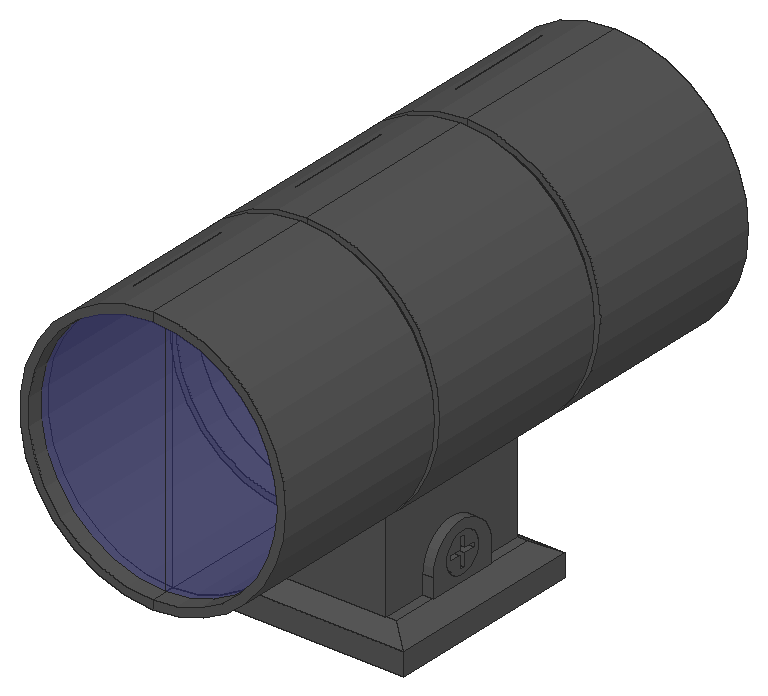
Revit family "CARLO CYLINDER LIGHT WALL MOUNT", category Lighting Fixtures, host Face, Revit 2020 (continued)
Types (10): name | Wattage_Input | Wattage Comments | Wattage | Photometric Web File | built-in parameter 1150142 | Model | built-in parameter 1150105 | Lumens | Light Length 1 | LIGHT RADIUS | LIGHT PLACEMENT | LIGHT LENGTH | LIGHT DIA | built-in parameter 1150106 | FIXED END HEIGHT | Curve base Height | Base Curve | BEAMING ANGLE | Apparent Load
    3.738 40.01 36.776 33.974 \r\n 31.454 29.089 26.746 24.042 21.594 20.089 18.93 17.705 16.546 15.446 \r\n 14.408 13.437 12.517 11.636 10.781 9.927 9.1045 8.3347 7.6209 6.985 \r\n 6.3934 5.8091 5.2643 4.7801 4.3529 3.993 3.6791 3.3905 3.1355 2.9181 \r\n 2.7306 2.5697 2.4265 2.2886 2.163 2.0561 1.9577 1.8565 1.7623 1.6839 \r\n 1.6132 1.5438 1.4783 1.4181 1.3593 1.2961 1.2351 1.1833 1.1341 1.0813 \r\n 1.0303 0.9858 0.9438 0.90181 0.86011 0.81678 0.77584 0.74278 0.71126 0.68102 \r\n 0.64979 0.61333 0.57744 0.54827 0.52058 0.49083 0.46007 0.42737 0.39514 0.36648 \r\n 0.3384 0.30806 0.27816 0.25082 0.22489 0.20098 0.17603 0.14756 0.11965 0.097695 \r\n 0.086864 0.097034 0.11943 0.14675 0.18448 0.25066 0.32212 0.37702 0.42944 0.49275 \r\n 0.54734 0.56975 0.58492 0.61532 0.64491 0.65975 0.67605 0.70957 0.74774 0.78166 \r\n 0.81604 0.85394 0.89144 0.92353 0.9566 0.99773 1.0398 1.0765 1.1127 1.1515 \r\n 1.1916 1.2313 1.2757 1.3316 1.3916 1.4493 1.5079 1.5679 1.6305 1.6981 \r\n 1.768 1.8366 1.9083 1.986 2.0698 2.1603 2.2587 2.3654 2.4839 2.6178 \r\n 2.7663 2.9275 3.1085 3.3167 3.5489 3.8012 4.0826 4.3946 4.7545 5.187 \r\n 5.6718 6.1838 6.7618 7.4536 8.2069 8.9686 9.7895 10.726 11.708 12.676 \r\n 13.658 14.664 15.689 16.731 17.791 18.846 19.97 21.288 22.614 23.665 \r\n 24.861 26.451 28.657 31.621 35.831 41.033 49.59 64.106 83.612 108.79 \r\n 137.3 167.04 198.03 229.75 261.75 293.56 324.73 354.96 383.3 409.03 \r\n 431.25 449.05 461.73 466.74 468.79 472.33 475.6 478.25 480.42 481.98 \r\n 483.45 485.45 487.69 490.08 492.63 495.25 498.11 501.46 504.91 508.06 \r\n 511.24 514.68 518.35 522.38 526.47 530.28 534.11 538.08 542.44 547.56 \r\n 553.25 559.29 566.11 574.01 583.09 593.31 605.32 619.64 636.63 656.49 \r\n 680.16 708.57 741.94 780.22 825.29 879.16 941.45 1011.5 1092.1 1186 \r\n 1291.8 1408.6 1538.2 1682.6 1840.2 2008.5 2191.4 2397.1 2611.3 2821.3 \r\n 3031.1 3240.2 3449.8 3663.7 3873.9 4073.4 4262.9 4440.7 4606.5 4760.1 \r\n 4899.8 5023.8 5131.9 5223 5297.5 5354.5 5396.6 5424.9 5442.9 5455.2 \r\n 5509.6 \r\n5444.5 5457.6 5479.3 5489.3 5488 5476.4 5453.8 5418.9 5374.7 5324.4 \r\n 5265.7 5199.1 5118.2 5014.4 4895.2 4765 4624.4 4476.5 4317.8 4143.6 \r\n 3959.6 3771 3575.4 3370.5 3162.2 2955.1 2750.3 2550.3 2354.5 2161.7 \r\n 1975.5 1797.5 1632.2 1483.9 1355.2 1255.5 1168.9 1081.2 997.1 913.33 \r\n 839.15 785.84 743.99 707.84 677.6 651.63 629.62 610.78 594.77 581.07 \r\n 569.46 559.61 551.33 544.45 538.55 533.13 528.31 524.11 520.35 516.88 \r\n 513.64 510.5 507.49 504.62 501.77 498.78 495.73 492.66 489.58 486.48 \r\n 483.42 480.55 477.57 474.15 470.54 467.07 463.15 459.14 452.56 440.81 \r\n 424.61 403.3 378.37 351.02 321.53 289.96 258.12 228.12 199.06 170.09 \r\n 143.15 120.82 100.34 77.945 59.236 50.448 45.904 41.861 38.753 35.687 \r\n 32.89 30.362 27.889 25.04 22.46 20.851 19.613 18.345 17.155 16.014 \r\n 14.937 13.938 12.993 12.091 11.214 10.33 9.4797 8.6987 7.9727 7.3047 \r\n 6.6783 6.0704 5.5037 4.9931 4.5382 4.148 3.8082 3.5085 3.2465 3.0178 \r\n 2.8183 2.645 2.4904 2.3446 2.2128 2.1005 1.9978 1.8937 1.7967 1.7134 \r\n 1.6377 1.5654 1.4971 1.4333 1.3716 1.3082 1.2478 1.1952 1.1452 1.0929 \r\n 1.043 1.0002 0.96002 0.91898 0.87787 0.83503 0.7943 0.76102 0.72909 0.69738 \r\n 0.66472 0.62798 0.59199 0.56211 0.53362 0.50335 0.47203 0.43839 0.40522 0.37595 \r\n 0.34748 0.31717 0.28715 0.25887 0.23175 0.20643 0.1809 0.1592 0.14091 0.12549 \r\n 0.11738 0.11988 0.13596 0.17415 0.22103 0.27931 0.34231 0.40536 0.46503 0.5172 \r\n 0.5593 0.58312 0.60154 0.6273 0.65269 0.67116 0.69205 0.72551 0.76266 0.79694 \r\n 0.83159 0.86847 0.90525 0.93883 0.97332 1.0134 1.0543 1.0921 1.1305 1.1724 \r\n 1.2156 1.2566 1.3014 1.3571 1.4165 1.4744 1.5328 1.5909 1.652 1.7208 \r\n 1.7923 1.861 1.9328 2.0121 2.0976 2.1888 2.2878 2.3953 2.515 2.6503 \r\n 2.8015 2.967 3.1551 3.3763 3.6226 3.8848 4.1759 4.4998 4.8735 5.3209 \r\n 5.8251 6.3679 6.9773 7.6906 8.4632 9.2481 10.09 11.037 12.03 13.019 \r\n 14.017 15.014 16.032 17.094 18.185 19.274 20.426 21.753 23.083 24.101 \r\n 25.361 27.338 29.963 32.754 37.43 45.53 57.114 72.574 92.451 118.31 \r\n 147.46 177.69 209.06 241.1 273.18 304.56 335.05 364.54 392 416.7 \r\n 437.57 453.22 463.92 468.15 469.94 473.46 476.81 479.39 481.54 483.24 \r\n 484.92 487.06 489.42 491.93 494.55 497.17 499.97 503.19 506.52 509.65 \r\n 512.88 516.5 520.34 524.41 528.51 532.37 536.29 540.38 544.9 550.28 \r\n 556.22 562.39 569.36 577.56 587.03 597.72 610.34 625.46 643.43 664.52 \r\n 689.58 719.42 754.5 794.67 842.51 901.82 968.86 1038.7 1118.7 1215.8 \r\n 1326.1 1447.5 1581.7 1730.1 1891.5 2064.5 2251.7 2459.5 2675.1 2887.1 \r\n 3098.7 3309.2 3519 3730.3 3937.3 4135.4 4323.1 4497.2 4658.8 4808.5 \r\n 4944.4 5065 5169.6 5256.7 5326.9 5378.9 5416.3 5441.2 5456 5464.3 \r\n 5509.6 \r\n5444.5 5455.7 5480.2 5491.6 5492 5484 5465.3 5433.7 5392.2 5343.6 \r\n 5286.5 5222.8 5145.6 5046.8 4932.9 4807.8 4671.4 4525.7 4368.5 4196.7 \r\n 4014.7 3826.3 3630.4 3424.7 3216 3011 2807.9 2607.7 2410 2213.1 \r\n 2022.2 1840.6 1672 1520.6 1387.4 1278.4 1182.8 1090.7 1005.2 924.03 \r\n 852.63 797.82 753.44 715.81 684.35 657.39 634.55 614.99 598.37 584.11 \r\n 572.02 561.79 553.22 546.12 540.08 534.55 529.67 525.43 521.62 518 \r\n 514.63 511.52 508.55 505.67 502.77 499.7 496.53 493.25 489.92 486.61 \r\n 483.35 480.3 477.21 473.85 470.29 466.58 462.57 458.82 453.21 444.03 \r\n 430.69 411.34 388.02 362.03 333.7 303.27 272.34 242.82 213.91 185.01 \r\n 157.47 132.89 109.91 86.216 66.213 54.94 48.203 43.771 40.786 37.443 \r\n 34.356 31.629 28.997 26.016 23.326 21.615 20.295 18.982 17.761 16.579 \r\n 15.465 14.438 13.47 12.545 11.646 10.732 9.8554 9.0633 8.3246 7.6237 \r\n 6.9613 6.3288 5.7397 5.2044 4.7234 4.3023 3.936 3.6257 3.3573 3.1169 \r\n 2.9048 2.7181 2.5516 2.3978 2.2599 2.1419 2.0346 1.9282 1.8288 1.7404 \r\n 1.6594 1.5839 1.513 1.4453 1.3805 1.3174 1.2577 1.2041 1.1532 1.1017 \r\n 1.0532 1.012 0.97341 0.93348 0.89328 0.85148 0.81146 0.77793 0.74551 0.71226 \r\n 0.67815 0.64132 0.60538 0.57467 0.54524 0.51451 0.4827 0.44808 0.41394 0.38411 \r\n 0.35534 0.32515 0.29512 0.26605 0.23778 0.21083 0.18441 0.17037 0.16142 0.15338 \r\n 0.14877 0.14358 0.15318 0.2029 0.25899 0.30777 0.3606 0.43181 0.49883 0.53834 \r\n 0.56682 0.59344 0.61682 0.63782 0.65881 0.68211 0.70874 0.7418 0.77737 0.81212 \r\n 0.84725 0.88295 0.9189 0.95446 0.99081 1.0296 1.0689 1.1087 1.1501 1.1953 \r\n 1.2414 1.2846 1.3304 1.3854 1.4438 1.5017 1.5599 1.6162 1.6759 1.7458 \r\n 1.819 1.888 1.9601 2.0412 2.1287 2.2205 2.32 2.4288 2.55 2.6867 \r\n 2.8403 3.0101 3.2054 3.4393 3.6994 3.9722 4.2738 4.611 4.9998 5.4624 \r\n 5.9863 6.5611 7.2031 7.937 8.7278 9.5366 10.399 11.355 12.356 13.365 \r\n 14.379 15.369 16.381 17.466 18.591 19.72 20.906 22.232 23.568 24.593 \r\n 25.967 28.356 31.426 34.07 39.276 50.481 65.231 81.458 101.43 127.78 \r\n 157.33 187.66 219.05 251.26 283.34 314.22 343.95 372.58 399.02 422.63 \r\n 442.15 455.67 464.55 468.49 470.52 474.14 477.61 480.17 482.33 484.29 \r\n 486.27 488.62 491.15 493.82 496.55 499.19 501.95 505.04 508.25 511.37 \r\n 514.67 518.45 522.45 526.51 530.58 534.48 538.47 542.66 547.34 552.93 \r\n 559.09 565.4 572.53 581.02 590.89 602.11 615.4 631.37 650.4 672.8 \r\n 699.35 730.72 767.6 809.79 860.55 925.39 997.41 1067.7 1147.8 1248.3 \r\n 1362.9 1488.4 1626.6 1778.8 1944.2 2121.9 2313.1 2522.1 2738.3 2952.1 \r\n 3165.4 3377.3 3587.3 3795.6 3998.9 4195.3 4381.2 4551.7 4709.2 4854.9 \r\n 4986.9 5104.2 5205.5 5288.7 5354.7 5402.1 5435.1 5456.9 5468.7 5473.1 \r\n 5509.6 \r\n5444.5 5453.7 5480.5 5493.2 5495.1 5490.4 5475.4 5446.9 5407.9 5360.5 \r\n 5304.6 5243 5168.9 5074.5 4965.5 4844.9 4712.4 4568.7 4412.9 4243.2 \r\n 4062.9 3874.5 3678 3471.7 3262.9 3059.7 2858.3 2657.6 2458 2257.4 \r\n 2062.4 1877.9 1706.4 1552.6 1415.4 1297.1 1192.5 1096.9 1010.7 932.6 \r\n 864.34 808.32 761.66 722.74 690.24 662.42 638.87 618.71 601.56 586.81 \r\n 574.31 563.78 554.96 547.69 541.51 535.91 530.97 526.7 522.84 519.07 \r\n 515.57 512.48 509.56 506.66 503.7 500.56 497.28 493.79 490.25 486.75 \r\n 483.31 480.08 476.87 473.61 470.14 466.2 462.03 458.3 453.39 446.57 \r\n 435.95 418.55 396.86 372.26 345.13 315.89 285.9 256.86 228.12 199.33 \r\n 171.26 144.53 119.2 94.582 73.591 59.704 50.541 45.624 42.717 39.101 \r\n 35.745 32.801 29.996 26.907 24.137 22.335 20.94 19.582 18.329 17.111 \r\n 15.966 14.914 13.924 12.977 12.055 11.115 10.213 9.4101 8.6587 7.926 \r\n 7.229 6.572 5.961 5.4036 4.8994 4.4491 4.0573 3.737 3.4625 3.2105 \r\n 2.9856 2.786 2.6078 2.4465 2.303 2.1795 2.0678 1.9596 1.8583 1.7649 \r\n 1.6788 1.6004 1.5271 1.4558 1.3882 1.3255 1.2667 1.212 1.1603 1.1096 \r\n 1.0626 1.0227 0.98525 0.94636 0.90724 0.86692 0.828 0.79414 0.76109 0.72641 \r\n 0.69103 0.65427 0.61851 0.58689 0.55642 0.52525 0.49302 0.45749 0.42246 0.39212 \r\n 0.36309 0.33304 0.30304 0.27336 0.24409 0.21538 0.18782 0.18111 0.18123 0.18054 \r\n 0.17951 0.16692 0.17014 0.23058 0.29489 0.33417 0.37674 0.45476 0.52785 0.55477 \r\n 0.57019 0.60024 0.62925 0.6461 0.66324 0.69186 0.72451 0.75706 0.79082 0.82611 \r\n 0.86182 0.89637 0.93156 0.96927 1.0076 1.0451 1.0827 1.1248 1.1696 1.2176 \r\n 1.2663 1.3117 1.359 1.413 1.47 1.5278 1.586 1.6409 1.6994 1.7705 \r\n 1.8452 1.9148 1.9877 2.0708 2.1602 2.253 2.3535 2.4643 2.5878 2.7264 \r\n 2.8829 3.0574 3.26 3.5058 3.7792 4.0636 4.3777 4.7298 5.1352 5.6149 \r\n 6.1601 6.7673 7.4419 8.1965 9.0054 9.838 10.721 11.685 12.691 13.718 \r\n 14.748 15.733 16.745 17.854 19.014 20.188 21.412 22.73 24.078 25.167 \r\n 26.712 29.511 33.033 35.634 41.456 55.723 73.553 90.492 110.48 137.21 \r\n 167 197.17 228.32 260.57 292.57 322.9 351.83 379.48 404.8 427.24 \r\n 445.4 456.89 464.13 468.15 470.75 474.55 478.12 480.69 482.9 485.16 \r\n 487.49 490.08 492.81 495.65 498.5 501.2 503.96 506.93 510.03 513.15 \r\n 516.52 520.44 524.55 528.57 532.58 536.5 540.55 544.84 549.65 555.42 \r\n 561.78 568.27 575.63 584.44 594.75 606.56 620.62 637.52 657.69 681.5 \r\n 709.67 742.73 781.58 825.97 879.79 950 1027 1098.8 1180 1284.1 \r\n 1402.9 1532.2 1674.3 1830.7 2000.4 2182.8 2377.7 2587.3 2803.4 3018.6 \r\n 3233.4 3446.6 3656.5 3861.5 4060.8 4255 4438.7 4605.7 4759.1 4900.6 \r\n 5028.5 5142.3 5240 5319.3 5381.1 5424.2 5453.2 5471.9 5480.7 5481.6 \r\n 5509.6 \r\n5444.5 5451.8 5480.6 5494.4 5497.5 5495.6 5483.8 5458 5421.2 5374.5 \r\n 5319.2 5259.2 5187.3 5096.5 4991.4 4874.6 4745.2 4603.1 4448.4 4280.5 \r\n 4101.5 3912.8 3715.5 3508.8 3300.1 3098.1 2897.6 2696.4 2495.2 2291.5 \r\n 2093.2 1906.5 1733 1577.4 1436.9 1310.5 1198.2 1100 1014.1 938.89 \r\n 873.48 816.57 768.08 728.17 694.87 666.4 642.3 621.67 604.11 589.01 \r\n 576.21 565.45 556.47 549.05 542.77 537.12 532.15 527.84 523.92 520.02 \r\n 516.41 513.34 510.46 507.51 504.49 501.3 497.94 494.29 490.57 486.93 \r\n 483.37 479.97 476.66 473.52 470.18 466.08 461.76 457.88 453.43 448.65 \r\n 440.44 424.89 404.81 381.55 355.59 327.47 298.34 269.72 241.11 212.44 \r\n 183.92 155.27 127.91 102.73 81.025 64.521 52.824 47.306 44.384 40.522 \r\n 36.947 33.789 30.813 27.648 24.833 22.963 21.506 20.108 18.824 17.58 \r\n 16.411 15.339 14.33 13.364 12.422 11.458 10.534 9.7206 8.9567 8.1957 \r\n 7.4681 6.7878 6.1563 5.5802 5.0569 4.5813 4.1668 3.8373 3.5565 3.2934 \r\n 3.0566 2.8452 2.6568 2.4892 2.341 2.2125 2.0969 1.9874 1.8848 1.7873 \r\n 1.6968 1.616 1.5407 1.4665 1.3967 1.3345 1.2767 1.2211 1.1686 1.1188 \r\n 1.0729 1.0344 0.99678 0.9587 0.92064 0.88211 0.84459 0.81026 0.77642 0.7406 \r\n 0.70429 0.66777 0.63225 0.5997 0.56813 0.53652 0.50392 0.46767 0.43194 0.40113 \r\n 0.37183 0.34186 0.31189 0.28184 0.25178 0.22127 0.19239 0.1922 0.2004 0.20612 \r\n 0.20806 0.18873 0.18586 0.25479 0.32524 0.35666 0.39049 0.47258 0.5491 0.5651 \r\n 0.56972 0.60303 0.63735 0.65139 0.66595 0.69966 0.73781 0.76989 0.80201 0.8378 \r\n 0.87409 0.90772 0.94235 0.98213 1.0224 1.0585 1.0948 1.1392 1.187 1.2368 \r\n 1.2872 1.3348 1.3835 1.4364 1.4918 1.5496 1.6079 1.6621 1.7202 1.7923 \r\n 1.8684 1.9389 2.013 2.098 2.1896 2.2839 2.3864 2.5004 2.6275 2.769 \r\n 2.9291 3.1093 3.3196 3.5758 3.8616 4.1595 4.4887 4.8575 5.2817 5.782 \r\n 6.3514 6.9906 7.6966 8.473 9.301 10.156 11.059 12.031 13.043 14.083 \r\n 15.126 16.115 17.134 18.267 19.46 20.681 21.946 23.252 24.623 25.846 \r\n 27.628 30.805 34.768 37.509 44.062 61.096 81.697 99.412 119.55 146.61 \r\n 176.53 206.42 237.19 269.37 301.2 330.97 359.07 385.67 409.77 430.94 \r\n 447.72 457.34 463.19 467.53 470.88 474.85 478.46 481.05 483.34 485.9 \r\n 488.56 491.38 494.3 497.32 500.31 503.11 505.9 508.78 511.79 514.93 \r\n 518.35 522.36 526.53 530.48 534.42 538.33 542.42 546.82 551.77 557.67 \r\n 564.21 570.95 578.64 587.83 598.65 611.17 626.1 644.03 665.44 690.79 \r\n 720.72 755.71 796.78 843.64 900.62 975.78 1057.7 1132.1 1215.7 1323.7 \r\n 1447 1580.1 1726.4 1887.8 2062.4 2249.5 2447.7 2657.4 2872.9 3089.2 \r\n 3305.1 3518.9 3728.3 3930 4125.2 4316.5 4497.3 4660.4 4809.6 4946.8 \r\n 5070.4 5180.3 5274 5348.9 5406.4 5445.4 5470.5 5486.2 5492.1 5489.3 \r\n 5509.6 \r\n5444.5 5447.7 5477.3 5492.1 5496.4 5496 5485.7 5461.4 5425.5 5378.6 \r\n 5323 5263.7 5193 5103.3 4999.2 4882.7 4753.6 4612.5 4459 4292.2 \r\n 4113.8 3924.7 3726.9 3520.8 3312.1 3107.6 2904.4 2702 2500.2 2295.9 \r\n 2097.1 1910.1 1736.3 1580.3 1439 1310.1 1195.9 1100.1 1016.9 941.31 \r\n 874.81 817.59 768.95 728.93 695.56 667.01 642.82 622.07 604.43 589.34 \r\n 576.59 565.87 556.89 549.4 543.03 537.37 532.38 527.96 523.92 519.98 \r\n 516.34 513.26 510.37 507.33 504.24 501.08 497.78 494.16 490.47 486.93 \r\n 483.46 480.06 476.78 473.82 470.7 466.83 462.73 458.91 454.74 450.93 \r\n 444.02 429.93 411.25 389.03 363.83 336.15 307.23 278.62 249.89 221.09 \r\n 192.28 162.95 134.87 109.55 87.256 68.231 54.003 47.781 44.78 40.862 \r\n 37.3 34.012 30.922 27.779 25.024 23.187 21.748 20.332 19.026 17.789 \r\n 16.63 15.554 14.537 13.569 12.624 11.647 10.71 9.8859 9.1125 8.3404 \r\n 7.6003 6.9045 6.2587 5.6753 5.146 4.6614 4.2372 3.898 3.6079 3.3353 \r\n 3.0906 2.8745 2.6833 2.514 2.3647 2.2345 2.1176 2.008 1.9058 1.808 \r\n 1.7172 1.6364 1.5614 1.4878 1.4187 1.3572 1.2999 1.2447 1.1921 1.1413 \r\n 1.094 1.0527 1.0142 0.97548 0.93748 0.90091 0.86505 0.82941 0.79396 0.75854 \r\n 0.72312 0.68729 0.65204 0.6186 0.58588 0.55353 0.52053 0.48452 0.44908 0.41797 \r\n 0.38821 0.35779 0.32756 0.29804 0.26827 0.23636 0.20609 0.20863 0.21968 0.22439 \r\n 0.22559 0.21139 0.21109 0.26415 0.32812 0.36402 0.40082 0.47353 0.54 0.55608 \r\n 0.56294 0.59473 0.62825 0.64608 0.66494 0.69988 0.73841 0.77121 0.80385 0.83974 \r\n 0.87615 0.9104 0.94576 0.98623 1.0269 1.0626 1.0985 1.1436 1.1915 1.2384 \r\n 1.2859 1.3335 1.3826 1.4344 1.4888 1.547 1.6065 1.6632 1.7239 1.7968 \r\n 1.8737 1.947 2.0239 2.1099 2.2033 2.3025 2.4119 2.5354 2.6726 2.8221 \r\n 2.9903 3.1804 3.4002 3.6613 3.9559 4.2772 4.6342 5.0252 5.4752 6.0153 \r\n 6.6255 7.2942 8.0278 8.8383 9.697 10.569 11.486 12.482 13.514 14.548 \r\n 15.59 16.617 17.679 18.826 20.032 21.293 22.597 23.86 25.287 26.905 \r\n 29.157 32.596 36.917 40.358 47.847 65.993 87.993 107.75 129.75 157.61 \r\n 187.84 217.83 248.5 280.51 311.99 341.18 368.4 393.63 416.12 435.53 \r\n 450.62 458.84 463.78 468.26 471.95 475.61 478.86 481.43 483.78 486.3 \r\n 488.95 491.83 494.85 497.95 501.06 504.13 507.15 510.08 513.07 516.28 \r\n 519.72 523.58 527.57 531.42 535.3 539.18 543.31 547.85 552.97 558.95 \r\n 565.69 573.03 581.47 591.37 603.03 616.66 632.88 652.16 675.13 702.4 \r\n 734.51 771.74 815.37 865.4 926 1004.9 1091.4 1172.7 1263.4 1376.5 \r\n 1504.9 1644.4 1798.2 1969.2 2152.7 2345 2545.9 2755 2969 3185.3 \r\n 3401.1 3613.4 3820.6 4019.5 4210.9 4396.3 4570.5 4727.9 4871.8 5004.4 \r\n 5123.1 5226.6 5313.5 5381.3 5432.3 5466.7 5488 5499.3 5501 5494.6 \r\n 5509.6 \r\n5444.5 5445 5474.9 5490.5 5495.9 5496.4 5487 5463.5 5428.1 5380.6 \r\n 5324.3 5265.1 5194.7 5105.1 5000.8 4883.4 4753.6 4612.9 4460.1 4293.7 \r\n 4115.5 3925.6 3727.1 3521.6 3312.8 3105.2 2898.6 2695 2492.8 2288.8 \r\n 2090.5 1904 1730.7 1575.1 1433.9 1304.4 1190.5 1098.2 1018.2 941.59 \r\n 873.35 816.12 767.88 728.09 694.92 666.5 642.42 621.71 604.12 589.18 \r\n 576.59 566.01 557.12 549.6 543.18 537.54 532.56 528.04 523.89 519.94 \r\n 516.31 513.22 510.28 507.16 504 500.9 497.68 494.13 490.52 487.14 \r\n 483.82 480.46 477.22 474.43 471.54 467.98 464.15 460.32 456.25 453.03 \r\n 447.02 434.2 416.8 395.49 370.93 343.54 314.69 286.01 257.11 228.11 \r\n 199.05 169.36 140.94 115.78 93.142 71.851 55.238 48.143 44.857 40.902 \r\n 37.421 34.027 30.842 27.754 25.09 23.308 21.901 20.472 19.147 17.925 \r\n 16.786 15.708 14.687 13.72 12.773 
